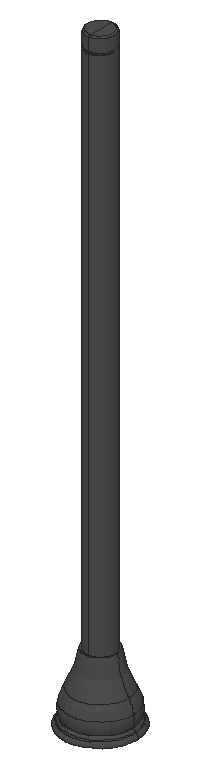
Revit family "Reece_Shower_Milli_Monument Edit_Shower Arm_Ceiling_450mm", category Plumbing Fixtures, host Face, Revit 2018
Family settings
  Host = Face
  Round Connector Dimension = Use Diameter
  Part Type = Normal
  Cut with Voids When Loaded = No
  Shared = Yes
  Room Calculation Point = Yes
Parameters (values of type "Matte Black")
  WFU = 0  # constant formula
  URL = "https://www.reece.com.au/product/-4204484"
  Type Comments = "Shower"
  Reece_Shower_Inlet = 12 mm  # constant formula
  Reece_Product_Web Page = "https://www.reece.com.au/product/-4204484"
  Reece_Product_Type = "Shower"  # constant formula
  Reece_Product_Sub Brand = "Monument Edit"  # constant formula
  Reece_Product_Number = "4204484"
  Reece_Product_Mount = "Ceiling Mounted"
  Reece_Product_Description = "Milli Monument Edit Ceiling Shower Arm 450mm Matte Black"
  Reece_Product_Brand = "Milli"  # constant formula
  Reece_Overall_Width = 56 mm  # constant formula
  Reece_Overall_Height = 450 mm  # constant formula
  Reece_Material_Main = Reece_Brass_Matte Black
  Reece_Detail_Disclaimer = "THIS FILE IS THE PROPERTY OF THE REECE GROUP. IT MAY NOT BE REPRODUCED, REVERSE-ENGINEERED, OR MODIFIED. ANY REPUBLICATION, TRANSMISSION, OR DISTRIBUTION FOR THE PURPOSE OF COMMERCIALLY EXPLOITING THE FILES IS PROHIBITED."  # constant formula
  Reece_Detail_Additional = "Ceiling"  # constant formula
  Model = "Monument Edit"
  Manufacturer = "Milli"
  Keynote = "Product #4204484, Reece_Shower_Milli_Monument Edit_Shower Arm_Ceiling_450mm - Matte Black"
  HWFU = 0  # constant formula
  Disclaimer = "THIS FILE IS THE PROPERTY OF THE REECE GROUP. IT MAY NOT BE REPRODUCED, REVERSE-ENGINEERED, OR MODIFIED. ANY REPUBLICATION, TRANSMISSION, OR DISTRIBUTION FOR THE PURPOSE OF COMMERCIALLY EXPLOITING THE FILES IS PROHIBITED."  # constant formula
  Description = "Milli Monument Edit Ceiling Shower Arm 450mm Matte Black"
  Default Elevation = 0 mm  # constant formula
  CWFU = 0  # constant formula
Types (5, lengths in mm): name | URL | Reece_Product_Web Page | Reece_Product_Number | Reece_Product_Description | Reece_Material_Main | Keynote | Description
  Chrome | "https://www.reece.com.au/product/-4204456" | "https://www.reece.com.au/product/-4204456" | "4204456" | "Milli Monument Edit Ceiling Shower Arm 450mm Chrome" | Reece_Brass_Chrome | "Product #4204456, Reece_Shower_Milli_Monument Edit_Shower Arm_Ceiling_450mm - Chrome" | "Milli Monument Edit Ceiling Shower Arm 450mm Chrome"
  Matte Black | "https://www.reece.com.au/product/-4204484" | "https://www.reece.com.au/product/-4204484" | "4204484" | "Milli Monument Edit Ceiling Shower Arm 450mm Matte Black" | Reece_Brass_Matte Black | "Product #4204484, Reece_Shower_Milli_Monument Edit_Shower Arm_Ceiling_450mm - Matte Black" | "Milli Monument Edit Ceiling Shower Arm 450mm Matte Black"
  Brushed Nickel | "https://www.reece.com.au/product/-4204498" | "https://www.reece.com.au/product/-4204498" | "4204498" | "Milli Monument Edit Ceiling Shower Arm 450mm Brushed Nickel" | Reece_Brass_Brushed Nickel | "Product #4204498, Reece_Shower_Milli_Monument Edit_Shower Arm_Ceiling_450mm - Brushed Nickel" | "Milli Monument Edit Ceiling Shower Arm 450mm Brushed Nickel"
  Brushed Gunmetal | "https://www.reece.com.au/product/-4204512" | "https://www.reece.com.au/product/-4204512" | "4204512" | "Milli Monument Edit Ceiling Shower Arm 450mm Brushed Gunmetal" | Reece_Brass_Brushed Gunmetal | "Product #4204512, Reece_Shower_Milli_Monument Edit_Shower Arm_Ceiling_450mm - Brushed Gunmetal" | "Milli Monument Edit Ceiling Shower Arm 450mm Brushed Gunmetal"
  Brushed Gold | "https://www.reece.com.au/product/-2266292" | "https://www.reece.com.au/product/-2266292" | "2266292" | "Milli Monument Edit Ceiling Shower Dropper 450mm Brushed Gold" | Reece_Brass_Brushed Gold | "Product #2266292, Reece_Shower_Milli_Monument Edit_Shower Arm_Ceiling_450mm - Brushed Gold" | "Milli Monument Edit Ceiling Shower Dropper 450mm Brushed Gold"
Reference planes
  plane 1 "Center (Front/Back)": y = 0
  plane 2: z = 0
  plane 3 "Center (Left/Right)": x = 0
  plane 4: z = 462
  plane 5: x = 28
  plane 6: x = -28
  plane 7: z = 450
Forms (mm)
  Sweep 1, solid, material "Reece_Brass_Matte Black" <- "Reece_Material_Main"
    path origin (0, 0, 0) x (0, 1, 0) y (0, 0, 1)
      loop
        line (0, 51.282) -> (0, 450)
    profile origin (0, 0, 51.282) x (0, -1, 0) y (1, 0, 0)
      loop
        circle (0, 0) r 11
  Revolve 2, solid, material "Reece_Brass_Matte Black" <- "Reece_Material_Main"
    sketch origin (0, 71.186, -26.767) x (0, 1, 0) y (0, 0, 1)
      loop
        line (-71.186, 488.767) -> (-71.186, 476.767) -> (-61.686, 476.767) -> (-61.686, 478.267) -> (-60.686, 478.267) -> (-60.686, 487.767) -> (-61.686, 488.767) -> (-71.186, 488.767)
      axis (-71.186, 488.767) -> (-71.186, 476.767)
    angle from 0 to 360
  Revolve 3, solid, material "Reece_Brass_Matte Black" <- "Reece_Material_Main"
    sketch origin (0, 0, 0) x (1, 0, 0) y (0, 0, 1)
      loop
        line (12.602, 51.278) -> (0, 51.278) -> (0, 0) -> (28, 0)
        arc (28, 0) -> (27.653, 1.91) -> (26.374, 3.371) r 3.646
        arc (26.374, 3.371) -> (25.99, 3.542) -> (25.773, 3.902) r 0.699
        arc (25.773, 3.902) -> (25.235, 5.048) -> (24.441, 6.034) r 5.289
        line (24.441, 6.034) -> (23.642, 6.034)
        arc (23.642, 6.034) -> (25.043, 10.679) -> (24.794, 15.524) r 14.159
        arc (24.794, 15.524) -> (23.281, 20.495) -> (21.07, 25.197) r 36.123
        arc (21.07, 25.197) -> (15.543, 37.818) -> (12.602, 51.278) r 69.857
      axis (0, 51.278) -> (0, 0)
    angle from 0 to 360
Cuts and joins
  joined: Sweep 1, Revolve 2, Revolve 3
Text (mm)
  text "Reece Copyright © 2018, Reece Ltd." at (-260.256, -149.578, 0), in view "Ref. Level"
  text "Reece ©" at (407.825, -790.706, 483.677), in view "Reece_Preview"
  text "Reece Copyright © 2018, Reece Ltd." at (-258.854, -19.522, 0), in view "Ref. Level"
Dimensions and locks
  "Reece_Overall_Height": plane 7 to plane 2
  "Reece_Overall_Width": plane 6 to plane 5
  equal spacing: plane 5, plane 3 "Center (Left/Right)", plane 6
  plane 4 to plane 7 = 12 mm
  locked: plane 4 to plane 7 at 12
  aligned and locked: host face to plane 2
  aligned and locked: level to host face
  aligned and locked: Sweep 1 sketch curve to plane 1 "Center (Front/Back)"
  aligned and locked: plane 7 to Revolve 2 sketch curve
  aligned and locked: plane 4 to Revolve 2 sketch curve
Automatic sketch dimensions
  host sketch curve to host sketch curve = 246.061 mm
  host sketch curve to host sketch curve = 257.247 mm
  Sweep 1 sketch curve to plane 3 "Center (Left/Right)" = 0 mm
  Sweep 1 sketch curve to profile plane = 0 mm
  Revolve 2 sketch curve to plane 1 "Center (Front/Back)" = 0 mm  (x2)
  Revolve 2 sketch curve to plane 1 "Center (Front/Back)" = 9.5 mm
  Revolve 2 sketch curve to Revolve 2 sketch curve = 0 mm
  Revolve 2 sketch curve to Revolve 2 sketch curve = 1 mm  (x2)
  Revolve 2 sketch curve to Revolve 2 sketch curve = 9.5 mm
  Revolve 2 sketch curve to Revolve 2 sketch curve = 124.95 mm
  Revolve 2 sketch curve to Revolve 2 sketch curve = 160.641 mm
  Sweep 1 sketch curve to plane 7 = 0 mm
  level to Sweep 1 sketch curve = 51.282 mm
  Revolve 3 sketch curve to plane 3 "Center (Left/Right)" = 0 mm  (x2)
  Revolve 3 sketch curve to level = 0 mm
  plane 5 to Revolve 3 sketch curve = 0 mm
  Revolve 3 sketch curve to plane 3 "Center (Left/Right)" = 10.43 mm
  plane 3 "Center (Left/Right)" to Revolve 3 sketch curve = 10.988 mm
  plane 3 "Center (Left/Right)" to Revolve 3 sketch curve = 12.602 mm
  level to Revolve 3 sketch curve = 2.245 mm
  plane 5 to Revolve 3 sketch curve = 4.358 mm
  level to Revolve 3 sketch curve = 0.326 mm
  plane 5 to Revolve 3 sketch curve = 3.631 mm
  plane 5 to Revolve 3 sketch curve = 1.548 mm
  Revolve 3 sketch curve to plane 5 = 53.986 mm
  level to Revolve 3 sketch curve = 4.066 mm
  Revolve 3 sketch curve to Revolve 3 sketch curve = 1.968 mm
  level to Revolve 3 sketch curve = 7.515 mm
  level to Revolve 3 sketch curve = 12.385 mm
  Revolve 3 sketch curve to Revolve 3 sketch curve = 35.754 mm
  level to Revolve 3 sketch curve = 59.391 mm
  Revolve 3 sketch curve to Revolve 3 sketch curve = 0 mm
  Revolve 3 sketch curve to Revolve 3 sketch curve = 0.799 mm
  Revolve 3 sketch curve to Revolve 3 sketch curve = 0.68 mm
  Revolve 3 sketch curve to Revolve 3 sketch curve = 0.078 mm
  Revolve 3 sketch curve to Revolve 3 sketch curve = 32.665 mm
  Revolve 3 sketch curve to Revolve 3 sketch curve = 6.053 mm
  radius of Sweep 1 sketch curve = 11 mm
Connectors
  piping at (0, 0, 0), diameter 12, driven by "Reece_Shower_Inlet"
    settings: on Revolve 3, index 1, connector inside diameter 609.6 mm, connector length 0 mm, flow factor 0, pipe flow 0.0 L/s, pressure drop 0.0 Pa, fitting loss kfactor 0, connector angle 0.00°, fixture units 0, engagement length 0 mm, angle of deflection 0.00°, flow configuration 0, flow direction 1, fitting loss method 0, system type 29, joint type 0, gender type 0, connector reference index -1, connector utility 0, adjustable connector no, is connector primary yes, connector description ""
